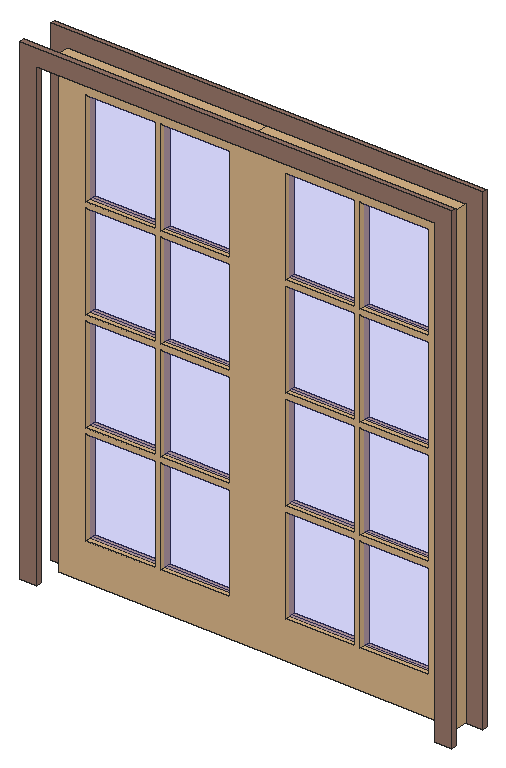
Revit family
Parameters (values of type "1830 x 2134mm")
  Thickness = 51.00 mm
  문 재료 = 문 - 패널
  프레임 재료 = 문 - 프레임
  Height = 2134.00 mm
  문살 = 25.00 mm
  자르기 투영 외부 = 25.00 mm
  자르기 투영 내부 = 25.00 mm
  자르기 폭 = 76.20 mm
  Wall Closure = (empty or 0)
  Width = 1830.00 mm
Types (5, lengths in mm): name | Height | 자르기 폭 | Width
  1830 x 1981mm | 1981.00 | 76.00 | 1830.00
  1830 x 2083mm | 2083.00 | 76.00 | 1830.00
  1730 x 2032mm | 2032.00 | 76.00 | 1730.00
  1730 x 2134mm | 2134.00 | 76.00 | 1730.00
  1830 x 2134mm | 2134.00 | 76.20 | 1830.00
Reference planes
  plane 1: y = 0
  plane 2: z = 0
  plane 3 "중심": x = 0
  plane 4 "왼쪽": x = -915
  plane 5 "오른쪽": x = 915
  plane 6 "상단": z = 2134
  plane 7: z = 2034
  plane 8: z = 1569.25
  plane 9: z = 1544.25
  plane 10: z = 1104.5
  plane 11: z = 1079.5
  plane 12: z = 639.75
  plane 13: z = 2009
  plane 14: z = 614.75
  plane 15: z = 175
  plane 16: x = 788
  plane 17: x = 470
  plane 18: x = 445
  plane 19: x = 127
  plane 20: x = -127
  plane 21: x = -445
  plane 22: x = -470
  plane 23: x = -788
  plane 24: x = 457.5
  plane 25: x = -457.5
Forms (mm)
  Extrusion 1, solid, material "문 - 프레임" <- "프레임 재료"
    sketch origin (-2286, 76.2, 0) x (-1, 0, 0) y (0, 0, 1)
      loop
        line (-3201, 2134) -> (-1371, 2134) -> (-1371, 0) -> (-1294.8, 0) -> (-1294.8, 2210.2) -> (-3277.2, 2210.2) -> (-3277.2, 0) -> (-3201, 0) -> (-3201, 2134)
    from 0 to 25
  Extrusion 2, solid, material "문 - 프레임" <- "프레임 재료"
    sketch origin (-2286, -76.2, 0) x (1, 0, 0) y (0, 0, 1)
      loop
        line (1371, 0) -> (1371, 2134) -> (3201, 2134) -> (3201, 0) -> (3277.2, 0) -> (3277.2, 2210.2) -> (1294.8, 2210.2) -> (1294.8, 0) -> (1371, 0)
    from 0 to 25
  Extrusion 3, solid, material "문 - 패널" <- "문 재료"
    sketch origin (914.4, 76.2, 1981.2) x (0, 0, -1) y (-1, 0, 0)
      loop
        line (-152.8, -0.6) -> (1981.2, -0.6) -> (1981.2, 914.4) -> (1981.2, 1829.4) -> (-152.8, 1829.4) -> (-152.8, 914.4) -> (-152.8, -0.6)
      loop
        line (-27.8, 126.4) -> (411.95, 126.4) -> (411.95, 444.4) -> (-27.8, 444.4) -> (-27.8, 126.4)
      loop
        line (-27.8, 469.4) -> (411.95, 469.4) -> (411.95, 787.4) -> (-27.8, 787.4) -> (-27.8, 469.4)
      loop
        line (436.95, 126.4) -> (876.7, 126.4) -> (876.7, 444.4) -> (436.95, 444.4) -> (436.95, 126.4)
      loop
        line (436.95, 469.4) -> (876.7, 469.4) -> (876.7, 787.4) -> (436.95, 787.4) -> (436.95, 469.4)
      loop
        line (901.7, 126.4) -> (1341.45, 126.4) -> (1341.45, 444.4) -> (901.7, 444.4) -> (901.7, 126.4)
      loop
        line (901.7, 469.4) -> (1341.45, 469.4) -> (1341.45, 787.4) -> (901.7, 787.4) -> (901.7, 469.4)
      loop
        line (1366.45, 126.4) -> (1806.2, 126.4) -> (1806.2, 444.4) -> (1366.45, 444.4) -> (1366.45, 126.4)
      loop
        line (1366.45, 469.4) -> (1806.2, 469.4) -> (1806.2, 787.4) -> (1366.45, 787.4) -> (1366.45, 469.4)
      loop
        line (-27.8, 1041.4) -> (411.95, 1041.4) -> (411.95, 1359.4) -> (-27.8, 1359.4) -> (-27.8, 1041.4)
      loop
        line (436.95, 1041.4) -> (876.7, 1041.4) -> (876.7, 1359.4) -> (436.95, 1359.4) -> (436.95, 1041.4)
      loop
        line (436.95, 1702.4) -> (436.95, 1384.4) -> (876.7, 1384.4) -> (876.7, 1702.4) -> (436.95, 1702.4)
      loop
        line (901.7, 1041.4) -> (1341.45, 1041.4) -> (1341.45, 1359.4) -> (901.7, 1359.4) -> (901.7, 1041.4)
      loop
        line (901.7, 1702.4) -> (901.7, 1384.4) -> (1341.45, 1384.4) -> (1341.45, 1702.4) -> (901.7, 1702.4)
      loop
        line (1366.45, 1041.4) -> (1806.2, 1041.4) -> (1806.2, 1359.4) -> (1366.45, 1359.4) -> (1366.45, 1041.4)
      loop
        line (1366.45, 1384.4) -> (1806.2, 1384.4) -> (1806.2, 1702.4) -> (1366.45, 1702.4) -> (1366.45, 1384.4)
      loop
        line (411.95, 1702.4) -> (-27.8, 1702.4) -> (-27.8, 1384.4) -> (411.95, 1384.4) -> (411.95, 1702.4)
    from 0 to -51
  Extrusion 4, solid, material "유리"
    sketch origin (914.4, 76.2, 1981.2) x (0, 0, -1) y (-1, 0, 0)
      loop
        line (-27.8, 126.4) -> (411.95, 126.4) -> (411.95, 444.4) -> (-27.8, 444.4) -> (-27.8, 126.4)
      loop
        line (-27.8, 469.4) -> (411.95, 469.4) -> (411.95, 787.4) -> (-27.8, 787.4) -> (-27.8, 469.4)
      loop
        line (-27.8, 1041.4) -> (411.95, 1041.4) -> (411.95, 1359.4) -> (-27.8, 1359.4) -> (-27.8, 1041.4)
      loop
        line (411.95, 1702.4) -> (-27.8, 1702.4) -> (-27.8, 1384.4) -> (411.95, 1384.4) -> (411.95, 1702.4)
      loop
        line (436.95, 1702.4) -> (436.95, 1384.4) -> (876.7, 1384.4) -> (876.7, 1702.4) -> (436.95, 1702.4)
      loop
        line (436.95, 1041.4) -> (876.7, 1041.4) -> (876.7, 1359.4) -> (436.95, 1359.4) -> (436.95, 1041.4)
      loop
        line (436.95, 469.4) -> (876.7, 469.4) -> (876.7, 787.4) -> (436.95, 787.4) -> (436.95, 469.4)
      loop
        line (436.95, 126.4) -> (876.7, 126.4) -> (876.7, 444.4) -> (436.95, 444.4) -> (436.95, 126.4)
      loop
        line (901.7, 126.4) -> (1341.45, 126.4) -> (1341.45, 444.4) -> (901.7, 444.4) -> (901.7, 126.4)
      loop
        line (901.7, 787.4) -> (901.7, 469.4) -> (1341.45, 469.4) -> (1341.45, 787.4) -> (901.7, 787.4)
      loop
        line (901.7, 1041.4) -> (1341.45, 1041.4) -> (1341.45, 1359.4) -> (901.7, 1359.4) -> (901.7, 1041.4)
      loop
        line (901.7, 1702.4) -> (901.7, 1384.4) -> (1341.45, 1384.4) -> (1341.45, 1702.4) -> (901.7, 1702.4)
      loop
        line (1366.45, 126.4) -> (1806.2, 126.4) -> (1806.2, 444.4) -> (1366.45, 444.4) -> (1366.45, 126.4)
      loop
        line (1366.45, 787.4) -> (1366.45, 469.4) -> (1806.2, 469.4) -> (1806.2, 787.4) -> (1366.45, 787.4)
      loop
        line (1366.45, 1041.4) -> (1806.2, 1041.4) -> (1806.2, 1359.4) -> (1366.45, 1359.4) -> (1366.45, 1041.4)
      loop
        line (1366.45, 1702.4) -> (1366.45, 1384.4) -> (1806.2, 1384.4) -> (1806.2, 1702.4) -> (1366.45, 1702.4)
    from -19.05 to -31.75
Lines and regions (mm)
  Opening 1
    outline origin (-2286, -76.2, 0) x (1, 0, 0) y (0, 0, 1)
      loop
        line (1371, 0) -> (3201, 0) -> (3201, 2134) -> (1371, 2134) -> (1371, 0)
  symbolic lines, style "평면 스윙"
    curve 1: arc (0, 76.2, 0) -> (-267.997, 723.203, 0) -> (-915, 991.2, 0) r 915
    curve 2: arc (0, 76.2, 0) -> (250.211, 704.913, 0) -> (864, 989.778, 0) r 915
  symbolic lines, style "DoorsPanelProjection"
    curve 3: line (-915, 76.2, 0) -> (-864, 76.2, 0)
    curve 4: line (-915, 76.2, 0) -> (-915, 991.2, 0)
    curve 5: line (-864, 76.2, 0) -> (-864, 989.778, 0)
    curve 6: line (915, 76.2, 0) -> (864, 76.2, 0)
    curve 7: line (915, 76.2, 0) -> (915, 991.19, 0)
    curve 8: line (864, 76.2, 0) -> (864, 989.778, 0)
    curve 11: line (-915, 991.473, 0) -> (-864, 991.473, 0)
    curve 12: line (864, 989.778, 0) -> (915, 989.778, 0)
  model lines, style "DoorsPanelProjection"
    curve 9: line (0, 76.2, 2134) -> (0, 76.2, 0)
    curve 10: line (0, 25.2, 2134) -> (0, 25.2, 0)
  symbolic lines, style "입면도 스윙"
    curve 13: line (0, 0, 2134) -> (915, 0, 1067)
    curve 14: line (0, 0, 0) -> (915, 0, 1067)
    curve 15: line (0, 0, 2134) -> (-915, 0, 1067)
    curve 16: line (-915, 0, 1067) -> (0, 0, 0)
Text (mm)
  text "외부" at (-1490.41, 693.701, 0), in view "바닥 선"
  text "내부" at (-1482.03, -638.649, 0), in view "바닥 선"
  text "외부" at (0, 1019.848, 3124.603), in view "오른쪽"
  text "내부" at (0, -1635.541, 3124.603), in view "오른쪽"
  text "내부" at (0, -787.806, 3124.376), in view "왼쪽"
  text "외부" at (0, 1386.095, 3124.376), in view "왼쪽"
Dimensions and locks
  equal spacing: plane 4 "왼쪽", plane 3 "중심", plane 5 "오른쪽"
  "Height": plane 2 to plane 6 "상단"
  "자르기 폭": Extrusion 2 sketch curve to plane 4 "왼쪽"
  "자르기 폭": Extrusion 2 sketch curve to plane 5 "오른쪽"
  "자르기 폭": Extrusion 2 sketch curve to plane 6 "상단"
  "자르기 폭": Extrusion 1 sketch curve to Extrusion 1 sketch curve  (x2)
  "자르기 폭": Extrusion 1 sketch curve to plane 6 "상단"
  "자르기 투영 내부": Extrusion 2 to host wall
  "자르기 투영 외부": Extrusion 1 to host wall
  "문살": plane 13 to plane 7
  "문살": plane 9 to plane 8
  "문살": plane 11 to plane 10
  "문살": plane 14 to plane 12
  locked: host wall to plane 15 at 175
  locked: plane 7 to plane 6 "상단" at 100
  equal spacing: plane 15, plane 12, plane 10, plane 8, plane 7
  locked: plane 16 to plane 5 "오른쪽" at 127
  locked: plane 23 to plane 4 "왼쪽" at 127
  plane 19 to plane 3 "중심" to plane 20 = 127.00 mm locked, 127.00 mm locked
  "문살": plane 17 to plane 18
  "문살": plane 21 to plane 22
  equal spacing: plane 16, plane 24, plane 19
  equal spacing: plane 20, plane 25, plane 23
  equal spacing: plane 17, plane 24, plane 18
  equal spacing: plane 21, plane 25, plane 22
  locked: host wall to Extrusion 3 at 0
  Extrusion 4 to Extrusion 4 to Extrusion 1 = 12.70 mm locked, 19.05 mm locked
  "Thickness": Extrusion 3 to Extrusion 3
  "Thickness": curve 8 to plane 5 "오른쪽"
  "Thickness": plane 4 "왼쪽" to curve 5
  "Width": plane 4 "왼쪽" to plane 5 "오른쪽"
  equal spacing: level, curve 14, plane 6 "상단"
  equal spacing: level, curve 16, plane 6 "상단"
  aligned and locked: plane 4 "왼쪽" to Opening 1 sketch curve
  aligned and locked: plane 6 "상단" to Opening 1 sketch curve  (x2)
  aligned and locked: Opening 1 sketch curve to plane 5 "오른쪽"
  aligned and locked: Opening 1 sketch curve to level
  aligned and locked: plane 6 "상단" to Extrusion 1 sketch curve  (x2)
  aligned and locked: plane 4 "왼쪽" to Extrusion 1 sketch curve
  aligned and locked: Extrusion 1 sketch curve to plane 4 "왼쪽"
  aligned and locked: plane 2 to Extrusion 1 sketch curve
  aligned and locked: Extrusion 1 sketch curve to plane 2
  aligned and locked: level to Extrusion 1 sketch curve
  aligned and locked: plane 5 "오른쪽" to Extrusion 1 sketch curve
  aligned and locked: Extrusion 1 to host wall  (x3)
  aligned and locked: plane 4 "왼쪽" to Extrusion 2 sketch curve
  aligned and locked: plane 6 "상단" to Extrusion 2 sketch curve  (x2)
  aligned and locked: plane 5 "오른쪽" to Extrusion 2 sketch curve  (x2)
  aligned and locked: level to Extrusion 2 sketch curve
  aligned and locked: Extrusion 2 sketch curve to level
  aligned and locked: plane 2 to Extrusion 2 sketch curve
  aligned and locked: Extrusion 2 to host wall
  aligned and locked: Extrusion 3 sketch curve to Extrusion 1  (x2)
  aligned and locked: plane 13 to Extrusion 3 sketch curve  (x4)
  aligned and locked: plane 8 to Extrusion 3 sketch curve  (x3)
  aligned and locked: plane 17 to Extrusion 3 sketch curve  (x4)
  aligned and locked: plane 19 to Extrusion 3 sketch curve  (x4)
  aligned and locked: plane 16 to Extrusion 3 sketch curve  (x3)
  aligned and locked: plane 9 to Extrusion 3 sketch curve  (x3)
  aligned and locked: plane 10 to Extrusion 3 sketch curve  (x4)
  aligned and locked: plane 18 to Extrusion 3 sketch curve  (x3)
  aligned and locked: plane 11 to Extrusion 3 sketch curve  (x3)
  aligned and locked: plane 12 to Extrusion 3 sketch curve  (x4)
  aligned and locked: plane 14 to Extrusion 3 sketch curve  (x4)
  aligned and locked: plane 15 to Extrusion 3 sketch curve  (x3)
  aligned and locked: plane 21 to Extrusion 3 sketch curve  (x4)
  aligned and locked: plane 20 to Extrusion 3 sketch curve  (x3)
  aligned and locked: plane 23 to Extrusion 3 sketch curve  (x4)
  aligned and locked: Extrusion 3 sketch curve to plane 9
  aligned and locked: plane 22 to Extrusion 3 sketch curve  (x3)
  aligned and locked: Extrusion 3 sketch curve to plane 11
  aligned and locked: Extrusion 3 sketch curve to plane 8
  aligned and locked: Extrusion 4 sketch curve to Extrusion 3  (x60)
  aligned and locked: host wall to Extrusion 3
  aligned and locked: curve 3 to Extrusion 3
  aligned and locked: curve 6 to Extrusion 3
  aligned and locked: Extrusion 1 to curve 1
  aligned and locked: Extrusion 1 to curve 2
  aligned and locked: curve 9 to curve 10
  aligned and locked: curve 9 to Extrusion 3
Automatic sketch dimensions
  Extrusion 3 sketch curve to plane 15 = 0.00 mm
  Extrusion 3 sketch curve to level = 0.00 mm
  Extrusion 3 sketch curve to plane 16 = 0.00 mm
  Extrusion 3 sketch curve to plane 18 = 0.00 mm
  Extrusion 3 sketch curve to plane 20 = 0.00 mm
  Extrusion 3 sketch curve to plane 22 = 0.00 mm
  Extrusion 3 sketch curve to plane 4 "왼쪽" = 0.00 mm
  Extrusion 3 sketch curve to plane 3 "중심" = 0.00 mm  (x2)
  Extrusion 4 sketch curve to plane 9 = 0.00 mm
  Extrusion 4 sketch curve to plane 12 = 0.00 mm  (x2)
  Extrusion 4 sketch curve to plane 22 = 0.00 mm
  curve 11 to plane 4 "왼쪽" = 0.00 mm
  curve 1 to plane 4 "왼쪽" = 0.00 mm
  curve 1 to plane 3 "중심" = 0.00 mm
  curve 2 to plane 3 "중심" = 0.00 mm
  curve 2 to plane 5 "오른쪽" = 0.00 mm
  curve 6 to plane 5 "오른쪽" = 0.00 mm
  curve 12 to plane 5 "오른쪽" = 0.00 mm
  curve 11 to curve 5 = 0.00 mm
  curve 12 to curve 2 = 0.00 mm  (x2)
  curve 12 to curve 7 = 1.412 mm
  curve 5 to curve 11 = 1.695 mm
  curve 13 to plane 3 "중심" = 0.00 mm
  curve 13 to plane 6 "상단" = 0.00 mm
  curve 10 to plane 6 "상단" = 0.00 mm
  curve 9 to plane 6 "상단" = 0.00 mm
  curve 15 to plane 4 "왼쪽" = 0.00 mm
  curve 13 to plane 5 "오른쪽" = 0.00 mm
  curve 9 to level = 0.00 mm
  curve 10 to level = 0.00 mm
  curve 14 to level = 0.00 mm
  curve 14 to plane 3 "중심" = 0.00 mm
